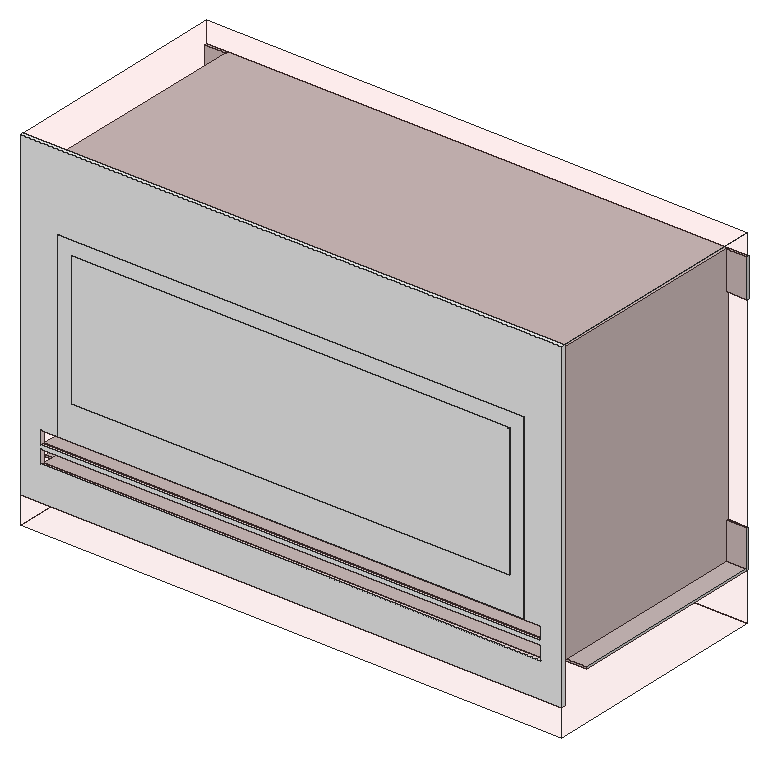
Revit family "Air-Curtain_Customer-Entry_PoweredAire_ECC", category Mechanical Equipment, host Face, Revit 2017
Family settings
  Host = Face
  Round Connector Dimension = Use Diameter
  Part Type = Normal
  OmniClass Number = 23.75.35.17.21
  OmniClass Title = Air Curtains
  Cut with Voids When Loaded = No
  Shared = No
  Room Calculation Point = No
Parameters
  Warranty Duration (Years) = 0
  Unit Width Notes = "Other Widths available."  # constant formula
  Unit Width = 3' - 3"
  Unit Weight = 0
  Unit Height = 1' - 4 3/4"
  Unit Depth = 1' - 11 1/4"
  URL = "http://www.poweredaire.com/"
  Test Data = ""
  Temperature Rise_Range = "as Specified"
  Standards Conformance = "as Specified"
  Specification = "http://www.arcat.com/sdspecs/htm04/23_34_33pai.htm"
  SpecWizard = ""
  Sound Pressure = "as Specified"
  Sales Information = "http://www.poweredaire.com/contact_us"
  Revision = "R1_2016-08"
  Projection from Host [instance] = 0' - 2"
  Product Properties = ""
  Product Data = "http://www.arcat.com/arcatcos/cos47/arc47623.html"
  Power Rating = 0 W
  Outlet Volume_Range = "as Specified"
  Outlet Velocity_Range = "as Specified"
  Nozzle Width = if(1 = 1, Unit Width - 0' 3", 0' 0")  # 3' - 0"
  Mounting Width = if(1 = 1, Unit Width - 0' 1 1/2", 0' 0")  # 3' - 1 1/2"
  Mounting Height [instance] = 3' - 6"
  Motor RPM = 0
  Motor HP = 0
  Motor Count = 0
  Model = "As Specified"
  Max Height = 0' - 0"
  Manufacturer Website = "http://www.poweredaire.com/"
  Manufacturer Phone - Toll Free = "888-321-2473"
  Manufacturer Phone = "724-588-3305"
  Manufacturer Fax = "724-588-3371"
  Manufacturer Address = "109 Mortensen Rd.  Greenville, PA 16125"
  Manufacturer = "Powered Aire, Inc"
  Maintenance Schedule (Months) = 0
  Keynote = "23 34 33"
  Installation-Fabrication = ""
  Installation Phase = ""
  Include Clearance [instance] = yes
  Heating Element Load = 0 W
  HVAC_Temperature Rise [instance] = 0 °F
  HVAC_Outlet Volume [instance] = 0 CFM
  HVAC_Outlet Velocity Uniformity = 0
  HVAC_Outlet Velocity [instance] = 0 FPM
  Green Building-LEED = "http://www.arcat.com/green/clients/leed_data_47623.html"
  Front Grating Material [instance] = Metal - Steel - PoweredAire - White Perforated
  Frame Finish [instance] = Metal - Steel - PoweredAire - Stainless 304
  Expected Lifespan (Years) = 0
  Electrical_Wattage [instance] = Power Rating + Heating Element Load  # 0 W
  Electrical_Voltage [instance] = 0 V
  Electrical_Phase [instance] = 1
  Electrical_Frequency [instance] = 0 Hz
  Electrical_Amperage [instance] = 0 A
  Drawn By = "Sumex Design, Inc. / Robert S. Weygant, CSI, CDT, SCIP"
  Description = "Powered Aire Air Curtain as Specified"
  Default Elevation = 0' - 0"  # constant formula
  Cover Finish [instance] = Metal - Steel - PoweredAire - White
  Copyright = "©Arcat Inc."
  Construction Details = "http://www.arcat.com/details/powair/prod3336.html"
  Clearance_Top [instance] = 0' - 0"
  Clearance_Side B [instance] = 0' - 0"
  Clearance_Side A [instance] = 0' - 0"
  Clearance_Intake [instance] = 0' - 0"
  Clearance_Front [instance] = 0' - 0"
  Clearance Material [instance] = ARCAT Clearance
  Building Codes = ""
  Available Options [instance] = "as Specified"
  Assembly Code = "D3090400"
Reference planes (in)
  plane 1 "Center (Elevation)": y = 8.51318
  plane 2: z = 0
  plane 3 "Center (Left/Right)": x = 0
  plane 4: y = 16.88818
  plane 5: y = 0.13818
  plane 6: x = -19.5
  plane 7: x = 19.5
  plane 8: z = 25.25
  plane 9 "FF": y = -41.86182
  plane 10: z = 2
  plane 11: x = 18
  plane 12: x = -18
  plane 13: y = 16.88818
  plane 14: y = 0.13818
  plane 15: x = -19.5
  plane 16: x = 19.5
  plane 17: z = 25.25
  plane 18: y = 0.38818
Forms (in)
  Extrusion 1, solid, material "ARCAT Clearance" <- "Clearance Material", visible <- "Include Clearance"
    sketch origin (0, 0, 0) x (0, 1, 0) y (0, 0, 1)
      loop
        line (0.13818, 25.25) -> (0.13818, 0) -> (16.88818, 0) -> (16.88818, 25.25) -> (0.13818, 25.25)
    from -19.5 to 19.5
  Extrusion 2, solid, material "Metal - Steel - PoweredAire - White" <- "Cover Finish"
    sketch origin (0, 8.51318, 0) x (1, 0, 0) y (0, 0, 1)
      loop
        line (-19.5, 25.25) -> (-19.5, 2) -> (19.5, 2) -> (19.5, 25.25) -> (-19.5, 25.25)
    from 8.125 to 8.375
  Extrusion 3, solid, material "Metal - Steel - PoweredAire - Stainless 304" <- "Frame Finish"
    sketch origin (0, 8.51318, 0) x (1, 0, 0) y (0, 0, 1)
      loop
        line (18, 23.75) -> (-18, 23.75) -> (-18, 3.5) -> (18, 3.5) -> (18, 23.75)
    from -8.375 to 8.125
  Extrusion 4, void
    sketch origin (0, 0, 0) x (0, 1, 0) y (0, 0, 1)
      loop
        line (0.13818, 5.5) -> (0.13818, 4.5) -> (1.88818, 4.5) -> (1.88818, 6.75) -> (0.13818, 6.75) -> (0.13818, 5.75) -> (1.63818, 5.75) -> (1.63818, 5.5) -> (0.13818, 5.5)
    from -18 to 18
  Extrusion 5, solid, material "Metal - Steel - PoweredAire - White" <- "Cover Finish"
    sketch origin (-11.83813, 0.13818, 48) x (-1, 0, 0) y (0, 0, 1)
      loop
        line (4.91187, -41.25) -> (4.91187, -28.25) -> (-28.58813, -28.25) -> (-28.58813, -41.25) -> (4.91187, -41.25)
    from 0 to -0.03125
  Extrusion 6, solid, material "Metal - Steel - PoweredAire - White Perforated" <- "Front Grating Material"
    sketch origin (-11.83813, 0.10693, 48) x (1, 0, 0) y (0, 0, 1)
      loop
        line (-3.91187, -29.25) -> (-3.91187, -38.75) -> (27.58813, -38.75) -> (27.58813, -29.25) -> (-3.91187, -29.25)
    from 0 to 0.03125
  Extrusion 7, solid, material "Metal - Steel - PoweredAire - Stainless 304" <- "Frame Finish"
    sketch origin (-15.17702, -180, 2) x (-1, 0, 0) y (0, -1, 0)
      loop
        line (-33.17702, -196.88818) -> (-33.17702, -182.38818) -> (-34.67702, -182.38818) -> (-34.67702, -196.88818) -> (-33.17702, -196.88818)
      loop
        line (2.82298, -196.88818) -> (4.32298, -196.88818) -> (4.32298, -182.38818) -> (2.82298, -182.38818) -> (2.82298, -196.88818)
    from 1.5 to 1.625
  Extrusion 8, solid, material "Metal - Steel - PoweredAire - Stainless 304" <- "Frame Finish"
    sketch origin (-11.83813, 16.88818, 48) x (-1, 0, 0) y (0, 0, 1)
      loop
        line (7.66187, -44.5) -> (7.66187, -41.75) -> (6.16187, -41.75) -> (6.16187, -44.5) -> (7.66187, -44.5)
      loop
        line (-31.33813, -44.5) -> (-29.83813, -44.5) -> (-29.83813, -41.75) -> (-31.33813, -41.75) -> (-31.33813, -44.5)
      loop
        line (7.66187, -27) -> (7.66187, -24.25) -> (6.16187, -24.25) -> (6.16187, -27) -> (7.66187, -27)
      loop
        line (-31.33813, -27) -> (-29.83813, -27) -> (-29.83813, -24.25) -> (-31.33813, -24.25) -> (-31.33813, -27)
    from 0 to -0.125
Cuts and joins
  Extrusion 4 cuts Extrusion 2
  Extrusion 4 cuts Extrusion 3
Dimensions and locks (in)
  equal spacing: plane 4, plane 1 "Center (Elevation)", plane 5
  "Unit Height": plane 4 to plane 5
  equal spacing: plane 6, plane 3 "Center (Left/Right)", plane 7
  "Unit Width": plane 6 to plane 7
  "Mounting Height": plane 5 to plane 9 "FF"
  "Projection from Host": plane 10 to level
  "Unit Depth": plane 8 to plane 10
  locked: plane 6 to plane 12 at 1.5
  locked: plane 11 to plane 7 at 1.5
  "Clearance_Side A": plane 7 to plane 16
  "Clearance_Side B": plane 15 to plane 6
  "Clearance_Top": plane 13 to plane 4
  "Clearance_Intake": plane 5 to plane 14
  "Clearance_Front": plane 17 to plane 8
  locked: plane 8 to Extrusion 3 sketch curve at 1.5
  locked: Extrusion 3 sketch curve to plane 10 at 1.5
  locked: plane 7 to Extrusion 3 sketch curve at 1.5
  locked: Extrusion 3 sketch curve to plane 6 at 1.5
  locked: plane 18 to plane 5 at 0.25
  Extrusion 4 sketch curve to Extrusion 4 sketch curve to Extrusion 4 sketch curve to Extrusion 4 sketch curve to plane 10 = 0' - 1" locked, 0' - 0 1/4" locked, 0' - 1" locked, 0' - 2 1/2" locked
  Extrusion 5 sketch curve to Extrusion 5 sketch curve to plane 10 = 1' - 1" locked, 0' - 4 3/4" locked
  locked: plane 11 to Extrusion 5 sketch curve at 1.25
  locked: Extrusion 5 sketch curve to plane 12 at 1.25
  Extrusion 6 sketch curve to Extrusion 6 sketch curve to plane 10 = 0' - 9 1/2" locked, 0' - 7 1/4" locked
  locked: Extrusion 6 sketch curve to plane 12 at 2.25
  locked: plane 11 to Extrusion 6 sketch curve at 2.25
  locked: plane 4 to Extrusion 7 sketch curve at 14.5  (x2)
  Extrusion 8 sketch curve to Extrusion 8 sketch curve to Extrusion 8 sketch curve to Extrusion 8 sketch curve to plane 10 = 0' - 2 3/4" locked, 1' - 2 3/4" locked, 0' - 2 3/4" locked, 0' - 1 1/2" locked  (x2)
  aligned and locked: plane 2 to host face
  aligned and locked: level to host face
  aligned and locked: Extrusion 1 sketch curve to plane 17
  aligned and locked: plane 14 to Extrusion 1 sketch curve
  aligned and locked: level to Extrusion 1 sketch curve
  aligned and locked: Extrusion 1 sketch curve to plane 13
  aligned and locked: plane 16 to Extrusion 1
  aligned and locked: Extrusion 1 to plane 15
  aligned and locked: Extrusion 2 sketch curve to plane 8
  aligned and locked: plane 6 to Extrusion 2 sketch curve
  aligned and locked: Extrusion 2 sketch curve to plane 10
  aligned and locked: Extrusion 2 sketch curve to plane 7
  aligned and locked: Extrusion 3 to plane 4
  aligned and locked: Extrusion 3 to plane 18
  aligned and locked: Extrusion 2 to plane 18
  aligned and locked: Extrusion 2 to plane 5
  aligned and locked: plane 11 to Extrusion 4
  aligned and locked: Extrusion 4 to plane 12
  aligned and locked: Extrusion 7 sketch curve to plane 4  (x2)
Automatic sketch dimensions
  host sketch curve to host sketch curve = 8' - 0"  (x2)
  Extrusion 4 sketch curve to plane 5 = 0' - 0"  (x2)
  plane 18 to Extrusion 4 sketch curve = 0' - 1 1/4"
  Extrusion 4 sketch curve to Extrusion 4 sketch curve = 0' - 0 1/4"
  Extrusion 7 sketch curve to plane 7 = 0' - 0"
  Extrusion 7 sketch curve to plane 11 = 0' - 0"
  Extrusion 7 sketch curve to plane 12 = 0' - 0"
  Extrusion 7 sketch curve to plane 6 = 0' - 0"
  Extrusion 8 sketch curve to plane 7 = 0' - 0"  (x2)
  Extrusion 8 sketch curve to plane 11 = 0' - 0"  (x2)
  Extrusion 8 sketch curve to plane 12 = 0' - 0"  (x2)
  Extrusion 8 sketch curve to plane 6 = 0' - 0"  (x2)
Connectors (in)
  electrical at (-18, 4.88818, 9.625), driven by "Electrical_Voltage", driven by "Electrical_Phase"
    settings: on cut or joined group of Extrusion 3, Extrusion 4, index 1, voltage 0 V, apparent load 0 VA, apparent load phase1 0 VA, apparent load phase2 0 VA, apparent load phase3 0 VA, power factor 1, load classification "Other", number of poles 1, system type 31, power factor state 1, is connector primary yes, connector utility no, sub classification motor no, connector description ""
